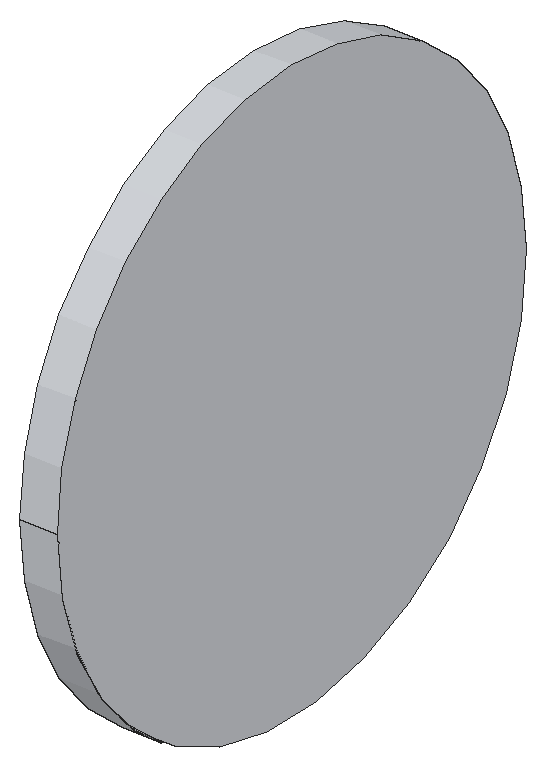
Revit family "61309316d7c64fb094884eb756de09ce", category Pipe Fittings, Revit 2021
Family settings
  Round Connector Dimension = Use Radius
  Part Type = Cap
  OmniClass Number = 23.60.30.11.14
  OmniClass Title = Pipework Fittings
  Seek Item ID = Cap - PVC - Sch 40-0000-USA-ENU
  Work Plane-Based = No
  Always vertical = Yes
  Cut with Voids When Loaded = No
  Shared = No
Parameters (values of type "Standard")
  Nominal Radius [instance] = 7.0000"
  Nominal Diameter [instance] = Nominal Radius * 2  # 14.0000"
  Loss Method = Not Defined
  Socket Outside Radius [instance] = Socket Outside Diameter / 2  # 8.0950"
  Socket Outside Diameter [instance] = size_lookup(Lookup Table Name, "SOD", 1.08 * Nominal Diameter + 1.12109", Nominal Diameter)  # 16.1900"
  Lookup Table Name = "Plug Flat - MJ - DI - Class 250"
  Default Elevation = 0.0000"
  Bevel Length [instance] = size_lookup(Lookup Table Name, "BvLgt", 0.04 * Nominal Diameter + 0.4300", Nominal Diameter)  # 0.8900"
  Gland Width [instance] = size_lookup(Lookup Table Name, "GWid", 0.03 * Nominal Diameter + 0.9400", Nominal Diameter)  # 1.3100"
  Gland Outside Radius [instance] = Gland Outside Diameter / 2  # 10.1250"
  Gland Outside Diameter [instance] = size_lookup(Lookup Table Name, "GOD", 1.16 * Nominal Diameter + 4.0300", Nominal Diameter)  # 20.2500"
Reference planes (in)
  plane 1 "Center (Front/Back)": y = 0
  plane 2: z = 0
  plane 3 "Center (Left/Right)": x = 0
  plane 4: x = 2.2
  plane 5: y = 8.095
  plane 6: y = -8.095
  plane 7: x = 0.89
Forms (in)
  Extrusion 1, solid, detail levels fine
    sketch origin (0, 0, 0) x (0, 1, 0) y (0, 0, 1)
      loop
        circle (0, 0) r 8.095
    from 0 to 0.89
  Extrusion 2, solid, detail levels fine
    sketch origin (0, 0, 0) x (0, 1, 0) y (0, 0, 1)
      loop
        circle (0, 0) r 10.125
    from 0.89 to 2.2
Cuts and joins
  joined: Extrusion 1, Extrusion 2
Lines and regions (in)
  model lines, detail levels coarse+medium
    curve 1: line (0, 8.095, 0) -> (2.2, 8.095, 0)
    curve 2: line (2.2, 8.095, 0) -> (2.2, -8.095, 0)
    curve 3: line (2.2, -8.095, 0) -> (0, -8.095, 0)
Dimensions and locks (in)
  "Socket Outside Radius": plane 1 "Center (Front/Back)" to plane 5
  "Socket Outside Radius": plane 6 to plane 1 "Center (Front/Back)"
  "Gland Width": plane 7 to plane 4
  "Bevel Length": plane 3 "Center (Left/Right)" to plane 7
  "Socket Outside Radius": radius of Extrusion 1 sketch curve
  "Gland Outside Radius": radius of Extrusion 2 sketch curve
  aligned and locked: curve 2 to plane 4
  aligned and locked: plane 3 "Center (Left/Right)" to curve 1
  aligned and locked: plane 3 "Center (Left/Right)" to curve 3
  aligned and locked: curve 1 to plane 5
  aligned and locked: curve 3 to plane 6
  aligned and locked: plane 1 "Center (Front/Back)" to Extrusion 1 sketch curve
  aligned and locked: plane 2 to Extrusion 1 sketch curve
  aligned and locked: Extrusion 1 to plane 3 "Center (Left/Right)"
  aligned and locked: Extrusion 1 to plane 7
  aligned and locked: Extrusion 2 to plane 7
  aligned and locked: plane 4 to Extrusion 2
  aligned and locked: plane 2 to Extrusion 2 sketch curve
  aligned and locked: plane 1 "Center (Front/Back)" to Extrusion 2 sketch curve
Connectors (in)
  piping at (0, 0, 0), diameter 14, driven by "Nominal Radius"
    settings: on Extrusion 1, index 1, connector inside diameter 14.0000", connector length 0.0000", flow factor 0, pipe flow 0 GPM, pressure drop 0.00 psi, fitting loss kfactor 0, connector angle 0.00°, fixture units 0, engagement length 0.0000", angle of deflection 0.00°, flow configuration 0, flow direction 0, fitting loss method 0, system type 28, joint type 0, gender type 0, connector reference index -1, connector utility 0, adjustable connector no, is connector primary yes, connector description ""
